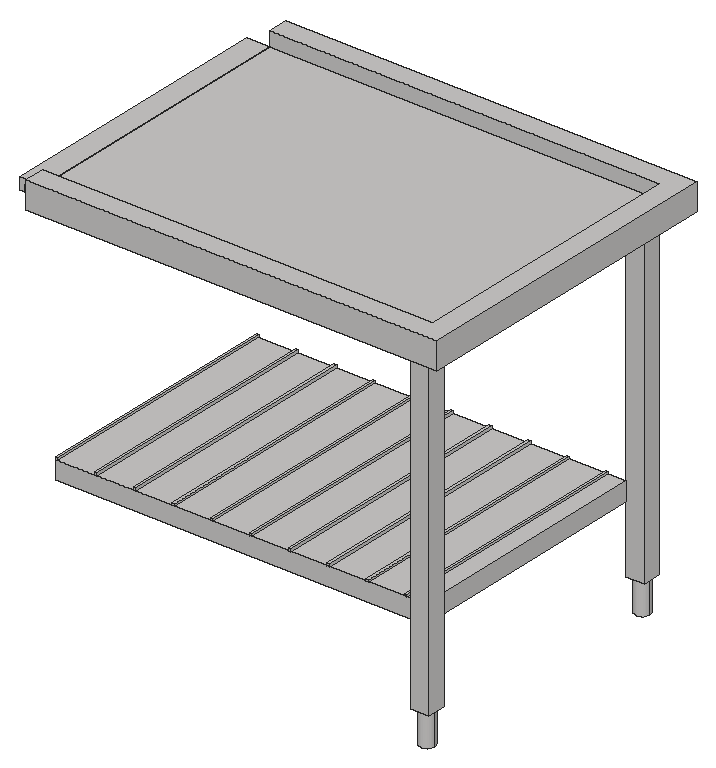
Revit family "QF_ZANUSSI_865359_BHPUTS09", category Attrezzature speciali, Revit 2020
Family settings
  Quota connettore circolare = Usa diametro
  Tipo di parte = Normale
  Basato su piano di lavoro = No
  Sempre verticale = Sì
  Taglio con vuoti quando caricato = No
  Condiviso = No
  Punto di calcolo locali = No
Parameters (values of type "Standard")
  Weight = 8.00 kg
  Watts = 0 W
  Volts = 0 V
  URL Manufacturer = "http://www.zanussiprofessional.com"
  URL = "http://www.zanussiprofessional.com"
  Steam Supply Size = 0 mm
  Steam Supply Minimum Pressure = 0.0 Pa
  Steam Supply Maximum Pressure = 0.0 Pa
  Steam Consumption per Hour = 0
  Refrigeration Suction Line Size = 0 mm
  Refrigeration Liquid Line Size = 0 mm
  Refrigerant Compressor Remote = yes
  Prospetto di default = 0 mm
  Produttore = "Zanussi"
  Phase = 0
  Modello = "BHPUTS09"
  Length Actual = 900 mm  # constant formula
  Item Number = "865359"
  Hot Water Size = 0 mm
  Height Actual = 843 mm  # constant formula
  HP = "0 HP"
  Gas Size = 0 mm
  Gas KW = 0
  Gas Input Pressure = 0 W
  Direct Waste Size = 0 mm
  Descrizione = "UNLOAD.TABLE+GRID UNDERSHELF 900MM-POTW."
  Depth Actual = 712 mm  # constant formula
  Cycle = 0 Hz
  Condensate Return Size = 0 mm
  Compressed Air Volume = 0.0 L/s
  Compressed Air Size = 0 mm
  Compressed Air Pressure = 0.0 Pa
  Cold Water Size = 0 mm
  Accessory = yes
Reference planes
  plane 1 "Back": y = 0
  plane 2: z = 0
  plane 3 "Left": x = 0
Forms (mm)
  Extrusion 1, solid, material "QF_Finishes_Stainless Steel"
    sketch origin (0, 0, 669.604) x (1, 0, 0) y (0, 1, 0)
      loop
        line (0, 0) -> (0, -712) -> (900, -712) -> (900, 0) -> (0, 0)
    from 113.396 to 173.396
  Extrusion 2, void
    sketch origin (100, 2.646, -31.042) x (1, 0, 0) y (0, 1, 0)
      loop
        line (-100, -47.646) -> (-100, -669.646) -> (755, -669.646) -> (755, -47.646) -> (-100, -47.646)
    from 874.042 to 842.042
  Extrusion 3, solid, material "QF_Finishes_Stainless Steel"
    sketch origin (120, 4, 150) x (1, 0, 0) y (0, 1, 0)
      loop
        line (730, -45) -> (690, -45) -> (690, -85) -> (730, -85) -> (730, -45)
    from -80 to 633
  Extrusion 4, solid, material "QF_Finishes_Stainless Steel"
    sketch origin (120, -586, 129.575) x (1, 0, 0) y (0, 1, 0)
      loop
        line (730, -45) -> (690, -45) -> (690, -85) -> (730, -85) -> (730, -45)
    from -59.575 to 653.425
  Extrusion 5, solid, material "QF_Finishes_Stainless Steel"
    sketch origin (120, 4, 0) x (1, 0, 0) y (0, 1, 0)
      loop
        circle (710, -65) r 16
    from 0 to 70
  Extrusion 6, solid, material "QF_Finishes_Stainless Steel"
    sketch origin (120, -586, 0) x (1, 0, 0) y (0, 1, 0)
      loop
        circle (710, -65) r 16
    from 0 to 70
  Extrusion 7, solid, material "QF_Finishes_Stainless Steel"
    sketch origin (0, 0, -67) x (0, 1, 0) y (0, 0, 1)
      loop
        line (-81, 325) -> (-631, 325) -> (-631, 285) -> (-81, 285) -> (-81, 325)
    from 0 to 810
  Extrusion 8, solid, material "QF_Finishes_Stainless Steel"
    sketch origin (-15, 0, 0) x (0, 1, 0) y (0, 0, 1)
      loop
        line (-81, 258) -> (-81, 263) -> (-631, 263) -> (-631, 258) -> (-81, 258)
    from 15 to 20
  Extrusion 9, solid, material "QF_Finishes_Stainless Steel"
    sketch origin (70, 0, 0) x (0, 1, 0) y (0, 0, 1)
      loop
        line (-81, 258) -> (-81, 263) -> (-631, 263) -> (-631, 258) -> (-81, 258)
    from 15 to 20
  Extrusion 10, solid, material "QF_Finishes_Stainless Steel"
    sketch origin (155, 0, 0) x (0, 1, 0) y (0, 0, 1)
      loop
        line (-81, 258) -> (-81, 263) -> (-631, 263) -> (-631, 258) -> (-81, 258)
    from 15 to 20
  Extrusion 11, solid, material "QF_Finishes_Stainless Steel"
    sketch origin (240, 0, 0) x (0, 1, 0) y (0, 0, 1)
      loop
        line (-81, 258) -> (-81, 263) -> (-631, 263) -> (-631, 258) -> (-81, 258)
    from 15 to 20
  Extrusion 12, solid, material "QF_Finishes_Stainless Steel"
    sketch origin (325, 0, 0) x (0, 1, 0) y (0, 0, 1)
      loop
        line (-81, 258) -> (-81, 263) -> (-631, 263) -> (-631, 258) -> (-81, 258)
    from 15 to 20
  Extrusion 13, solid, material "QF_Finishes_Stainless Steel"
    sketch origin (410, 0, 0) x (0, 1, 0) y (0, 0, 1)
      loop
        line (-81, 258) -> (-81, 263) -> (-631, 263) -> (-631, 258) -> (-81, 258)
    from 15 to 20
  Extrusion 14, solid, material "QF_Finishes_Stainless Steel"
    sketch origin (495, 0, 0) x (0, 1, 0) y (0, 0, 1)
      loop
        line (-81, 258) -> (-81, 263) -> (-631, 263) -> (-631, 258) -> (-81, 258)
    from 15 to 20
  Extrusion 15, solid, material "QF_Finishes_Stainless Steel"
    sketch origin (580, 0, 0) x (0, 1, 0) y (0, 0, 1)
      loop
        line (-81, 258) -> (-81, 263) -> (-631, 263) -> (-631, 258) -> (-81, 258)
    from 15 to 20
  Extrusion 16, solid, material "QF_Finishes_Stainless Steel"
    sketch origin (665, 0, 0) x (0, 1, 0) y (0, 0, 1)
      loop
        line (-81, 258) -> (-81, 263) -> (-631, 263) -> (-631, 258) -> (-81, 258)
    from 15 to 20
  Extrusion 17, solid, material "QF_Finishes_Stainless Steel"
    sketch origin (750, 0, 0) x (0, 1, 0) y (0, 0, 1)
      loop
        line (-81, 258) -> (-81, 263) -> (-631, 263) -> (-631, 258) -> (-81, 258)
    from 15 to 20
  Extrusion 18, solid, material "QF_Finishes_Stainless Steel"
    sketch origin (0, 0, 0) x (1, 0, 0) y (0, 0, 1)
      loop
        line (0, 811) -> (-50, 811) -> (-50, 786) -> (-40, 786) -> (-40, 801) -> (0, 801) -> (0, 811)
    from 45 to 667
Cuts and joins
  Extrusion 2 cuts Extrusion 1
Dimensions and locks
  Extrusion 1 to Extrusion 1 = 60 mm
  equal spacing: Extrusion 1, Extrusion 2 sketch curve, Extrusion 2 sketch curve, Extrusion 1
  equal spacing: Extrusion 1, Extrusion 2 sketch curve, Extrusion 1
  Extrusion 2 to Extrusion 2 = 32 mm
  Extrusion 2 to Extrusion 1 = 900 mm
  Extrusion 1 to Extrusion 1 = 712 mm
  level to Extrusion 1 = 843 mm
  aligned and locked: level to plane 2
